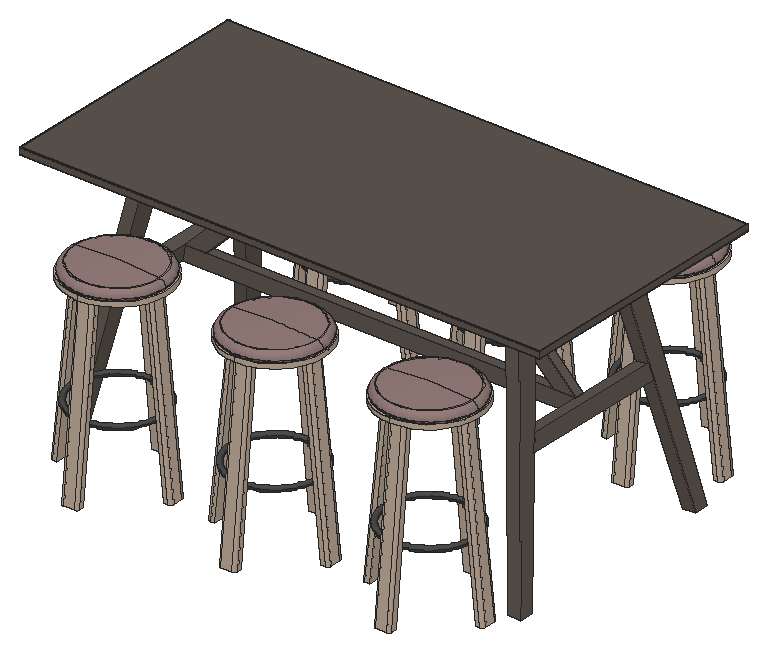
Revit family "T400014", category Furniture, Revit 2015
Parameters (values of type "T400014")
  URL = "https://ofs.com/"
  Manufacturer = "OFS"
  Description = "OFS TYPICAL T400014"
  Copyright © = "©OFS 2021"
  Catalog = "https://ofs.com/2020-experience"
  Authoring Version = "Autodesk Revit Architecture 2015"
  Assembly Code = "E2020400"
Reference planes (in)
  plane 1 "Center Front/Back": y = 0
  plane 2: z = 0
  plane 3 "Center Left/Right": x = 0
Dimensions and locks (in)
  aligned and locked: level to plane 2
Nested families (in)
  nested 1: "OFS ELEMENT OPEN L DESK LEFT AND RIGHT 84in Width 60in Return" at (102, 18.84375, 84), type "ELEMENT OPEN L DESK LEFT RETURN 84in Width 60in Return"
    with Right Desk Ovelay no, Left Desk Overlay no, Desk Overlay Option yes
  nested 2: "OFS HEIDI CUSHION" at (0, 24, 16), type "14 Stool Cushion"
    with Height 14", Cushion OFS HEIDI Cushion Fabric
  nested 3: "OFS HEIDI CUSHION" at (-25.44295, 24, 16), type "14 Stool Cushion"
    with Height 14", Cushion OFS HEIDI Cushion Fabric
  nested 4: "OFS HEIDI CUSHION" at (25, 24, 16), type "14 Stool Cushion"
    with Height 14", Cushion OFS HEIDI Cushion Fabric
  nested 5: "OFS HEIDI CUSHION" at (25, -24, 16), type "14 Stool Cushion"
    with Height 14", Cushion OFS HEIDI Cushion Fabric
  nested 6: "OFS HEIDI CUSHION" at (0, -24, 16), type "14 Stool Cushion"
    with Height 14", Cushion OFS HEIDI Cushion Fabric
  nested 7: "OFS HEIDI CUSHION" at (-25.44295, -24, 16), type "14 Stool Cushion"
    with Height 14", Cushion OFS HEIDI Cushion Fabric
  nested 8: "OFS HEIDI STOOLS" at (-25.44295, 24, 0), type "Bar Stool"
  nested 9: "OFS HEIDI STOOLS" at (0, 24, 0), type "Bar Stool"
  nested 10: "OFS HEIDI STOOLS" at (25, 24, 0), type "Bar Stool"
  nested 11: "OFS HEIDI STOOLS" at (25, -24, 0), type "Bar Stool"
  nested 12: "OFS HEIDI STOOLS" at (0, -24, 0), type "Bar Stool"
  nested 13: "OFS HEIDI STOOLS" at (-25.44295, -24, 0), type "Bar Stool"
  nested 14: "OFS_RIFF_TABLES_BAR_HEIGHT" at (0, -5, 0), type "RIFF_RF-8442STBL_TABLE_BAR_HEIGHT"
Definition of nested family "OFS HEIDI CUSHION"
  Parameters (values of type "14 Stool Cushion")
    URL = "https://ofs.com/"
    Cushion [instance] = none
    Height [instance] = 14"
    Description = "OFS HEIDI STOOL CUSHION, Field Installed with Double Sided Velcro Tape"
    Model = "101090"
    Manufacturer = "OFS"
    Copyright © = "©OFS 2020"
    Catalog = "https://ofs.com/products/seating/stool/heidi"
    Authoring Version = "Autodesk Revit Architecture 2015"
    Assembly Code = "E2020200"
  Types (4): name | Height
    14 Stool Cushion | 14"
    17 Stool Cushion | 17"
    Bar Stool Cushion | 30"
    Counter Stool Cushion | 24"
  Reference planes (in)
    plane 1 "Center (Front/Back)": y = 0
    plane 2: z = 0
    plane 3 "Center (Left/Right)": x = 0
    plane 4 "rrr": through (-2.45771, -5.50063, 16.56517) normal (0.0223, 0.0194, 0.9996)
    plane 5 "Top": z = 14
    plane 6: z = 16
  Forms (in)
    Revolve 1, solid, material <- "Cushion"
      sketch origin (0, 0, 0) x (1, 0, 0) y (0, 0, 1)
        loop
          arc (0, 15.75) -> (-3.38818, 15.65344) -> (-6.76537, 15.36408) r 59.49328
          arc (-6.76537, 15.36408) -> (-6.83734, 15.35318) -> (-6.90832, 15.33707) r 1
          arc (-6.90832, 15.33707) -> (-7.51524, 14.933) -> (-7.75, 14.2427) r 1.1323
          line (-7.75, 14.2427) -> (-7.75, 14.12914)
          arc (-7.75, 14.12914) -> (-7.71217, 14.03782) -> (-7.62086, 14) r 0.12914
          line (-7.62086, 14) -> (0, 14) -> (0, 15.75)
        axis (0, 14) -> (0, 15.75)
      angle from 0 to 360
    Revolve 2, solid, material <- "Cushion", not visible
      sketch origin (0, 0, 0) x (1, 0, 0) y (0, 0, 1)
        loop
          arc (0, 15.75) -> (-3.38818, 15.65344) -> (-6.76537, 15.36408) r 59.49328
          arc (-6.76537, 15.36408) -> (-6.83734, 15.35318) -> (-6.90832, 15.33707) r 1
          arc (-6.90832, 15.33707) -> (-7.51524, 14.933) -> (-7.75, 14.2427) r 1.1323
          line (-7.75, 14.2427) -> (-7.75, 14.12914)
          arc (-7.75, 14.12914) -> (-7.71217, 14.03782) -> (-7.62086, 14) r 0.12914
          line (-7.62086, 14) -> (0, 14) -> (0, 15.75)
        axis (0, 14) -> (0, 15.75)
      angle from 0 to 360
  Lines and regions (in)
    Masking region 1
      outline origin (0, 4.25, 14) x (0, 1, 0) y (-1, 0, 0)
        loop
          circle (-4.25, 0) r 7.75
  Dimensions and locks (in)
    "Height": plane 5 "Top" to level
    locked: plane 6 to plane 5 "Top" at 2
    aligned and locked: level to plane 2
  Automatic sketch dimensions
    plane 1 "Center (Front/Back)" to Masking region 1 sketch curve = 0"
    Masking region 1 sketch curve to plane 3 "Center (Left/Right)" = 0"
    Revolve 1 sketch curve to Revolve 1 sketch curve = 0.03396"
    Revolve 1 sketch curve to Revolve 1 sketch curve = 0.9692"
    Revolve 1 sketch curve to Revolve 1 sketch curve = 0.12787"
    Revolve 1 sketch curve to Revolve 1 sketch curve = 0.14295"
    Revolve 1 sketch curve to Revolve 1 sketch curve = 0"  (x3)
    Revolve 1 sketch curve to Revolve 1 sketch curve = 1 3/4"
    Revolve 1 sketch curve to Revolve 1 sketch curve = 0.12914"
    Revolve 1 sketch curve to Revolve 1 sketch curve = 7.62086"
    Revolve 1 sketch curve to Revolve 1 sketch curve = 57.74328"
    Revolve 1 sketch curve to Revolve 1 sketch curve = 0.11355"
    Revolve 2 sketch curve to Revolve 2 sketch curve = 0.03396"
    Revolve 2 sketch curve to Revolve 2 sketch curve = 0.9692"
    Revolve 2 sketch curve to Revolve 2 sketch curve = 0.12787"
    Revolve 2 sketch curve to Revolve 2 sketch curve = 0.14295"
    Revolve 2 sketch curve to Revolve 2 sketch curve = 0"  (x3)
    Revolve 2 sketch curve to Revolve 2 sketch curve = 1 3/4"
    Revolve 2 sketch curve to Revolve 2 sketch curve = 0.12914"
    Revolve 2 sketch curve to Revolve 2 sketch curve = 7.62086"
    Revolve 2 sketch curve to Revolve 2 sketch curve = 57.74328"
    Revolve 2 sketch curve to Revolve 2 sketch curve = 0.11355"
    Revolve 1 sketch curve to plane 5 "Top" = 0"
    plane 3 "Center (Left/Right)" to Revolve 1 sketch curve = 0"
    radius of Masking region 1 sketch curve = 7 3/4"
Definition of nested family "OFS HEIDI STOOLS"
  Parameters (values of type "Bar Stool")
    URL = "https://ofs.com/"
    Seat Top Finish = none
    Ring Counter = no
    Ring Bar = yes
    Foot Ring Finish = none
    Legs Finish = none
    Height = 30"
    Description = "OFS HEIDI STOOL, BAR HEIGHT, 30\" Height, Cast Iron Foot Ring"
    Model = "101159"
    Manufacturer = "OFS"
    Cross = no
    Copyright © = "©OFS 2020"
    Catalog = "https://ofs.com/products/seating/stool/heidi"
    Authoring Version = "Autodesk Revit Architecture 2015"
    Assembly Code = "E2020200"
  Types (4): name | Ring Counter | Ring Bar | Height | Description | Model | Cross
    Bar Stool | no | yes | 30" | "OFS HEIDI STOOL, BAR HEIGHT, 30\" Height, Cast Iron Foot Ring" | "101159" | no
    Counter Stool | yes | no | 24" | "OFS HEIDI STOOL, COUNTER HEIGHT, 24\" Height, Cast Iron Foot Ring" | "101058" | no
    17H Stool | no | no | 17" | "OFS HEIDI STOOL, 17\" Height, Hardwood Cross Rails" | "101057" | yes
    14H Stool | no | no | 14" | "OFS HEIDI STOOL, 14\" Height, Hardwood Cross Rails" | "101056" | yes
  Reference planes (in)
    plane 1 "Center (Front/Back)": y = 0
    plane 2: z = 0
    plane 3 "Center (Left/Right)": x = 0
    plane 4 "rrr": through (-2.45771, -5.50063, 16.56517) normal (0.0223, 0.0194, 0.9996)
    plane 5 "Top": z = 30
  Forms (in)
    Extrusion 1, solid, material <- "Seat Top Finish"
      sketch origin (0, 4.25, 30) x (0, 1, 0) y (-1, 0, 0)
        loop
          circle (-4.25, 0) r 8.00966
      from -0.75 to 0
    Extrusion 2, solid, material <- "Legs Finish"
      sketch origin (0, 4.25, 30) x (0, 1, 0) y (-1, 0, 0)
        loop
          line (-2.81369, 5.67895) -> (-5.68631, 5.67895) -> (-9.92895, 1.43631) -> (-9.92895, -1.43631) -> (-5.68631, -5.67895) -> (-2.81369, -5.67895) -> (1.42895, -1.43631) -> (1.42895, 1.43631) -> (-2.81369, 5.67895)
      from -1.5 to -0.75
    Blend 3, solid, material <- "Legs Finish"
      base sketch origin (0, 0.01041, 0) x (1, 0, 0) y (0, 1, 0)
        loop
          line (-1.38283, 8.5852) -> (1.37062, 8.5852) -> (1.37062, 9.24862)
          arc (1.37062, 9.24862) -> (1.22417, 9.60218) -> (0.87062, 9.74862) r 0.5
          line (0.87062, 9.74862) -> (-0.88411, 9.74862)
          arc (-0.88411, 9.74862) -> (-1.22477, 9.61462) -> (-1.38283, 9.28445) r 0.5
          line (-1.38283, 9.28445) -> (-1.38283, 8.5852)
      top sketch origin (0, 4.26041, 30) x (0, 1, 0) y (-1, 0, 0)
        loop
          line (1.2245, -1.375) -> (1.88792, -1.375)
          arc (1.88792, -1.375) -> (2.24148, -1.22855) -> (2.38792, -0.875) r 0.5
          line (2.38792, -0.875) -> (2.38792, 0.87844)
          arc (2.38792, 0.87844) -> (2.24148, 1.232) -> (1.88792, 1.37844) r 0.5
          line (1.88792, 1.37844) -> (1.2245, 1.37844) -> (1.2245, -1.375)
      from 0 to -0.75
    Extrusion 4, solid, material <- "Legs Finish", visible <- "Cross"
      sketch origin (0, 4.25, 14) x (0, 1, 0) y (-1, 0, 0)
        loop
          line (3.37008, -0.6239) -> (3.37008, 0.625) -> (-3.625, 0.625) -> (-3.625, 7.62891) -> (-4.875, 7.62891) -> (-4.875, 0.625) -> (-11.86639, 0.625) -> (-11.86639, -0.6239) -> (-4.875, -0.6239) -> (-4.875, -7.63494) -> (-3.625, -7.63494) -> (-3.625, -0.6239) -> (3.37008, -0.6239)
      from -8.5 to -6.5
    Blend 5, solid, material <- "Legs Finish"
      base sketch origin (0, -0.01041, 0) x (1, 0, 0) y (0, 1, 0)
        loop
          line (-1.38283, -8.5852) -> (-1.38283, -9.28445)
          arc (-1.38283, -9.28445) -> (-1.22477, -9.61462) -> (-0.88411, -9.74862) r 0.5
          line (-0.88411, -9.74862) -> (0.87062, -9.74862)
          arc (0.87062, -9.74862) -> (1.22417, -9.60218) -> (1.37062, -9.24862) r 0.5
          line (1.37062, -9.24862) -> (1.37062, -8.5852) -> (-1.38283, -8.5852)
      top sketch origin (0, -4.26041, 30) x (0, -1, 0) y (1, 0, 0)
        loop
          line (1.20602, 1.375) -> (1.20602, -1.37844) -> (1.86945, -1.37844)
          arc (1.86945, -1.37844) -> (2.223, -1.232) -> (2.36945, -0.87844) r 0.5
          line (2.36945, -0.87844) -> (2.36945, 0.875)
          arc (2.36945, 0.875) -> (2.223, 1.22855) -> (1.86945, 1.375) r 0.5
          line (1.86945, 1.375) -> (1.20602, 1.375)
      from 0 to -0.75
    Blend 6, solid, material <- "Legs Finish"
      base sketch origin (-0.01432, 0.00391, 0) x (0, 1, 0) y (-1, 0, 0)
        loop
          line (-1.38283, 8.5852) -> (1.37062, 8.5852) -> (1.37062, 9.24862)
          arc (1.37062, 9.24862) -> (1.22417, 9.60218) -> (0.87062, 9.74862) r 0.5
          line (0.87062, 9.74862) -> (-0.88411, 9.74862)
          arc (-0.88411, 9.74862) -> (-1.22477, 9.61462) -> (-1.38283, 9.28445) r 0.5
          line (-1.38283, 9.28445) -> (-1.38283, 8.5852)
      top sketch origin (-4.26432, 0.00391, 30) x (-1, 0, 0) y (0, -1, 0)
        loop
          line (1.22925, -1.375) -> (1.89268, -1.375)
          arc (1.89268, -1.375) -> (2.24623, -1.22855) -> (2.39268, -0.875) r 0.5
          line (2.39268, -0.875) -> (2.39268, 0.87844)
          arc (2.39268, 0.87844) -> (2.24623, 1.232) -> (1.89268, 1.37844) r 0.5
          line (1.89268, 1.37844) -> (1.22925, 1.37844) -> (1.22925, -1.375)
      from 0 to -0.75
    Blend 7, solid, material <- "Legs Finish"
      base sketch origin (0.00649, 0.00391, 0) x (0, 1, 0) y (-1, 0, 0)
        loop
          line (-1.38283, -8.5852) -> (-1.38283, -9.28445)
          arc (-1.38283, -9.28445) -> (-1.22477, -9.61462) -> (-0.88411, -9.74862) r 0.5
          line (-0.88411, -9.74862) -> (0.87062, -9.74862)
          arc (0.87062, -9.74862) -> (1.22417, -9.60218) -> (1.37062, -9.24862) r 0.5
          line (1.37062, -9.24862) -> (1.37062, -8.5852) -> (-1.38283, -8.5852)
      top sketch origin (4.25649, 0.00391, 30) x (1, 0, 0) y (0, 1, 0)
        loop
          line (1.22369, 1.375) -> (1.22369, -1.37844) -> (1.88712, -1.37844)
          arc (1.88712, -1.37844) -> (2.24067, -1.232) -> (2.38712, -0.87844) r 0.5
          line (2.38712, -0.87844) -> (2.38712, 0.875)
          arc (2.38712, 0.875) -> (2.24067, 1.22855) -> (1.88712, 1.375) r 0.5
          line (1.88712, 1.375) -> (1.22369, 1.375)
      from 0 to -0.75
    Sweep 8, solid, material <- "Foot Ring Finish", visible <- "Ring Counter"
      path origin (0, 4.25, 30) x (0, 1, 0) y (-1, 0, 0)
        loop
          circle (-4.25, 0) r 7.25
      profile origin (-7.25, 0, 30) x (1, 0, 0) y (0, 0, 1)
        loop
          circle (0, -16.875) r 0.375
    Sweep 9, solid, material <- "Foot Ring Finish", visible <- "Ring Bar"
      path origin (0, 4.25, 30) x (0, 1, 0) y (-1, 0, 0)
        loop
          circle (-4.25, 0) r 7
      profile origin (-7, 0, 30) x (1, 0, 0) y (0, 0, 1)
        loop
          circle (0, -18.625) r 0.375
    Extrusion 10, solid, material <- "Foot Ring Finish", visible <- "Ring Counter"
      sketch origin (0, 0, 0) x (1, 0, 0) y (0, 0, 1)
        loop
          line (-7.81343, 5.88438) -> (-7.75148, 5.87611) -> (-7.60354, 6.98351) -> (-7.63953, 7.18616) -> (-7.81343, 5.88438)
      from -0.625 to 0.625
    Extrusion 11, solid, material <- "Foot Ring Finish", visible <- "Ring Counter"
      sketch origin (0, 0, 0) x (0, 1, 0) y (0, 0, -1)
        loop
          line (-7.81343, -5.88438) -> (-7.63953, -7.18616) -> (-7.60354, -6.98351) -> (-7.75148, -5.87611) -> (-7.81343, -5.88438)
      from -0.625 to 0.625
    Extrusion 12, solid, material <- "Foot Ring Finish", visible <- "Ring Counter"
      sketch origin (0, 0, 0) x (-1, 0, 0) y (0, 0, 1)
        loop
          line (-7.81343, 5.88438) -> (-7.75148, 5.87611) -> (-7.60354, 6.98351) -> (-7.63953, 7.18616) -> (-7.81343, 5.88438)
      from -0.625 to 0.625
    Extrusion 13, solid, material <- "Foot Ring Finish", visible <- "Ring Counter"
      sketch origin (0, 0, 0) x (0, -1, 0) y (0, 0, -1)
        loop
          line (-7.81343, -5.88438) -> (-7.63953, -7.18616) -> (-7.60354, -6.98351) -> (-7.75148, -5.87611) -> (-7.81343, -5.88438)
      from -0.625 to 0.625
    Extrusion 14, solid, material <- "Foot Ring Finish", visible <- "Ring Bar"
      sketch origin (0, -0.44736, 4.42978) x (0, -0.999639, 0.026849) y (0, -0.026849, -0.999639)
        loop
          line (-7.81343, -5.88438) -> (-7.63953, -7.18616) -> (-7.60354, -6.98351) -> (-7.75148, -5.87611) -> (-7.81343, -5.88438)
      from -0.625 to 0.625
    Extrusion 15, solid, material <- "Foot Ring Finish", visible <- "Ring Bar"
      sketch origin (-0.44736, 0, 4.42978) x (-0.999639, 0, 0.026849) y (0.026849, 0, 0.999639)
        loop
          line (-7.81343, 5.88438) -> (-7.75148, 5.87611) -> (-7.60354, 6.98351) -> (-7.63953, 7.18616) -> (-7.81343, 5.88438)
      from -0.625 to 0.625
    Extrusion 16, solid, material <- "Foot Ring Finish", visible <- "Ring Bar"
      sketch origin (0, 0.44736, 4.42978) x (0, 0.999639, 0.026849) y (0, 0.026849, -0.999639)
        loop
          line (-7.81343, -5.88438) -> (-7.63953, -7.18616) -> (-7.60354, -6.98351) -> (-7.75148, -5.87611) -> (-7.81343, -5.88438)
      from -0.625 to 0.625
    Extrusion 17, solid, material <- "Foot Ring Finish", visible <- "Ring Bar"
      sketch origin (0.44736, 0, 4.42978) x (0.999639, 0, 0.026849) y (-0.026849, 0, 0.999639)
        loop
          line (-7.81343, 5.88438) -> (-7.75148, 5.87611) -> (-7.60354, 6.98351) -> (-7.63953, 7.18616) -> (-7.81343, 5.88438)
      from -0.625 to 0.625
  Lines and regions (in)
    Masking region 1
      outline origin (0, 4.25, 30) x (0, 1, 0) y (-1, 0, 0)
        loop
          circle (-4.25, 0) r 8.00966
  Dimensions and locks (in)
    "Height": plane 5 "Top" to level
    aligned and locked: level to plane 2
  Automatic sketch dimensions
    plane 1 "Center (Front/Back)" to Extrusion 1 sketch curve = 0"
    Extrusion 1 sketch curve to plane 3 "Center (Left/Right)" = 0"
    plane 3 "Center (Left/Right)" to Extrusion 2 sketch curve = 1.43631"  (x2)
    plane 1 "Center (Front/Back)" to Extrusion 2 sketch curve = 5.67895"
    plane 1 "Center (Front/Back)" to Extrusion 2 sketch curve = 1.43631"  (x2)
    Extrusion 2 sketch curve to plane 1 "Center (Front/Back)" = 1.43631"  (x2)
    Extrusion 2 sketch curve to plane 1 "Center (Front/Back)" = 5.67895"
    plane 3 "Center (Left/Right)" to Extrusion 2 sketch curve = 5.67895"
    Extrusion 2 sketch curve to plane 3 "Center (Left/Right)" = 1.43631"  (x2)
    Extrusion 2 sketch curve to plane 3 "Center (Left/Right)" = 5.67895"
    Blend 3 sketch curve to plane 3 "Center (Left/Right)" = 1 49/128"
    Blend 3 sketch curve to Blend 3 sketch curve = 0.49872"
    plane 3 "Center (Left/Right)" to Blend 3 sketch curve = 0.87062"
    Blend 3 sketch curve to Blend 3 sketch curve = 1/2"  (x3)
    Blend 3 sketch curve to plane 1 "Center (Front/Back)" = 8.59561"
    Blend 3 sketch curve to Blend 3 sketch curve = 0.66342"  (x3)
    Blend 3 sketch curve to plane 3 "Center (Left/Right)" = 1.37844"
    Blend 3 sketch curve to plane 1 "Center (Front/Back)" = 5.48491"
    plane 3 "Center (Left/Right)" to Blend 3 sketch curve = 7/8"
    Masking region 1 sketch curve to Masking region 1 sketch curve = 0"  (x2)
    Masking region 1 sketch curve to plane 3 "Center (Left/Right)" = 0"
    plane 1 "Center (Front/Back)" to Masking region 1 sketch curve = 0"
    Masking region 1 sketch curve to Masking region 1 sketch curve = 8.00966"
    plane 3 "Center (Left/Right)" to Extrusion 4 sketch curve = 0.6239"  (x2)
    plane 1 "Center (Front/Back)" to Extrusion 4 sketch curve = 7.61639"
    plane 1 "Center (Front/Back)" to Extrusion 4 sketch curve = 5/8"  (x2)
    Extrusion 4 sketch curve to plane 1 "Center (Front/Back)" = 5/8"  (x2)
    Extrusion 4 sketch curve to Extrusion 4 sketch curve = 6.99508"
    Extrusion 4 sketch curve to Extrusion 4 sketch curve = 7.01103"
    Extrusion 4 sketch curve to plane 3 "Center (Left/Right)" = 5/8"  (x2)
    Extrusion 4 sketch curve to Extrusion 4 sketch curve = 7 1/256"
    plane 3 "Center (Left/Right)" to Blend 5 sketch curve = 1 49/128"
    Blend 5 sketch curve to Blend 5 sketch curve = 0.49872"
    Blend 5 sketch curve to plane 3 "Center (Left/Right)" = 0.87062"
    Blend 5 sketch curve to Blend 5 sketch curve = 1/2"  (x3)
    Blend 5 sketch curve to plane 1 "Center (Front/Back)" = 8.59561"
    Blend 5 sketch curve to Blend 5 sketch curve = 0.66342"  (x3)
    Blend 5 sketch curve to plane 3 "Center (Left/Right)" = 1.37844"
    plane 1 "Center (Front/Back)" to Blend 5 sketch curve = 5.46643"
    plane 3 "Center (Left/Right)" to Blend 5 sketch curve = 7/8"
    plane 1 "Center (Front/Back)" to Blend 6 sketch curve = 1 97/256"
    Blend 6 sketch curve to Blend 6 sketch curve = 0.49872"
    Blend 6 sketch curve to plane 1 "Center (Front/Back)" = 0.87453"
    Blend 6 sketch curve to Blend 6 sketch curve = 1/2"  (x3)
    Blend 6 sketch curve to plane 3 "Center (Left/Right)" = 8.59952"
    Blend 6 sketch curve to Blend 6 sketch curve = 0.66342"  (x3)
    plane 1 "Center (Front/Back)" to Blend 6 sketch curve = 1.37453"
    Blend 6 sketch curve to plane 3 "Center (Left/Right)" = 5.49357"
    Blend 6 sketch curve to plane 1 "Center (Front/Back)" = 225/256"
    plane 1 "Center (Front/Back)" to Blend 7 sketch curve = 1 97/256"
    Blend 7 sketch curve to Blend 7 sketch curve = 0.49872"
    Blend 7 sketch curve to plane 1 "Center (Front/Back)" = 0.87453"
    Blend 7 sketch curve to Blend 7 sketch curve = 1/2"  (x2)
    plane 3 "Center (Left/Right)" to Blend 7 sketch curve = 9.75512"
    Blend 7 sketch curve to Blend 7 sketch curve = 0.46418"
    Blend 7 sketch curve to Blend 7 sketch curve = 0.69925"
    plane 1 "Center (Front/Back)" to Blend 7 sketch curve = 1.37453"
    plane 3 "Center (Left/Right)" to Blend 7 sketch curve = 5.48018"
    Blend 7 sketch curve to Blend 7 sketch curve = 0.66342"  (x2)
    Blend 7 sketch curve to plane 1 "Center (Front/Back)" = 225/256"
    plane 1 "Center (Front/Back)" to Sweep 8 sketch curve = 0"
    Sweep 8 sketch curve to plane 3 "Center (Left/Right)" = 0"
    profile plane to Sweep 8 sketch curve = 0"
    Sweep 8 sketch curve to plane 5 "Top" = 16 7/8"
    plane 1 "Center (Front/Back)" to Sweep 9 sketch curve = 0"
    Sweep 9 sketch curve to plane 3 "Center (Left/Right)" = 0"
    profile plane to Sweep 9 sketch curve = 0"
    Sweep 9 sketch curve to plane 5 "Top" = 18 5/8"
    Extrusion 10 sketch curve to plane 3 "Center (Left/Right)" = 7.81343"
    Extrusion 10 sketch curve to Extrusion 10 sketch curve = 0.06195"
    Extrusion 10 sketch curve to Extrusion 10 sketch curve = 0.1739"
    level to Extrusion 10 sketch curve = 6.98351"
    Extrusion 10 sketch curve to Extrusion 10 sketch curve = 0.03598"
    Extrusion 10 sketch curve to Extrusion 10 sketch curve = 1.09912"
    plane 1 "Center (Front/Back)" to Extrusion 11 sketch curve = 7.81343"
    Extrusion 11 sketch curve to Extrusion 11 sketch curve = 0.06195"
    Extrusion 11 sketch curve to Extrusion 11 sketch curve = 0.1739"
    level to Extrusion 11 sketch curve = 6.98351"
    Extrusion 11 sketch curve to Extrusion 11 sketch curve = 0.03598"
    Extrusion 11 sketch curve to Extrusion 11 sketch curve = 0.20266"
    plane 3 "Center (Left/Right)" to Extrusion 12 sketch curve = 7.81343"
    Extrusion 12 sketch curve to Extrusion 12 sketch curve = 0.06195"
    Extrusion 12 sketch curve to Extrusion 12 sketch curve = 0.1739"
    level to Extrusion 12 sketch curve = 6.98351"
    Extrusion 12 sketch curve to Extrusion 12 sketch curve = 0.03598"
    Extrusion 12 sketch curve to Extrusion 12 sketch curve = 1.09912"
    Extrusion 13 sketch curve to plane 1 "Center (Front/Back)" = 7.81343"
    Extrusion 13 sketch curve to Extrusion 13 sketch curve = 0.06195"
    Extrusion 13 sketch curve to Extrusion 13 sketch curve = 0.1739"
    level to Extrusion 13 sketch curve = 6.98351"
    Extrusion 13 sketch curve to Extrusion 13 sketch curve = 0.03598"
    Extrusion 13 sketch curve to Extrusion 13 sketch curve = 0.20266"
    Extrusion 14 sketch curve to plane 1 "Center (Front/Back)" = 7.52124"
    level to Extrusion 14 sketch curve = 10.10226"
    Extrusion 14 sketch curve to Extrusion 14 sketch curve = 0.06195"
    Extrusion 14 sketch curve to Extrusion 14 sketch curve = 0.1739"
    Extrusion 14 sketch curve to Extrusion 14 sketch curve = 0.03598"
    Extrusion 14 sketch curve to Extrusion 14 sketch curve = 1.09912"
    plane 3 "Center (Left/Right)" to Extrusion 15 sketch curve = 7.52124"
    level to Extrusion 15 sketch curve = 10.10226"
    Extrusion 15 sketch curve to Extrusion 15 sketch curve = 0.06195"
    Extrusion 15 sketch curve to Extrusion 15 sketch curve = 0.1739"
    Extrusion 15 sketch curve to Extrusion 15 sketch curve = 0.03598"
    Extrusion 15 sketch curve to Extrusion 15 sketch curve = 0.00828"
    plane 1 "Center (Front/Back)" to Extrusion 16 sketch curve = 7.52124"
    level to Extrusion 16 sketch curve = 10.10226"
    Extrusion 16 sketch curve to Extrusion 16 sketch curve = 0.06195"
    Extrusion 16 sketch curve to Extrusion 16 sketch curve = 0.1739"
    Extrusion 16 sketch curve to Extrusion 16 sketch curve = 0.03598"
    Extrusion 16 sketch curve to Extrusion 16 sketch curve = 1.09912"
    Extrusion 17 sketch curve to plane 3 "Center (Left/Right)" = 7.52124"
    level to Extrusion 17 sketch curve = 10.10226"
    Extrusion 17 sketch curve to Extrusion 17 sketch curve = 0.06195"
    Extrusion 17 sketch curve to Extrusion 17 sketch curve = 0.1739"
    Extrusion 17 sketch curve to Extrusion 17 sketch curve = 0.03598"
    Extrusion 17 sketch curve to Extrusion 17 sketch curve = 0.00828"
    radius of Extrusion 1 sketch curve = 8.00966"
    radius of Sweep 8 sketch curve = 7 1/4"
    radius of Sweep 8 sketch curve = 3/8"
    radius of Sweep 9 sketch curve = 7"
    radius of Sweep 9 sketch curve = 3/8"
Definition of nested family "OFS_RIFF_TABLES_BAR_HEIGHT"
  Parameters (values of type "RIFF_RF-8442STBL_TABLE_BAR_HEIGHT")
    URL = "http://ofsbrands.com/products/tables/conference-tables/riff"
    TABLE WIDTH = 84"
    TABLE DEPTH = 42"
    RAIL DEPTH = if(TABLE DEPTH > 49", 20", 12")  # 12"
    LEG DEPTH = if(TABLE DEPTH < 43", 37.62", if(TABLE DEPTH < 49", 43.62", if(TABLE DEPTH < 55", 49.62", 55.62")))  # 37.62"
    LEG = none
    ENVIRONMENTAL = "http://ofsbrands.ecoscorecard.com/"
    TOP CORE = none
    Manufacturer = "OFS"
    MODEL NUMBER = "RF-8442STBL"
    MANUFACTURERS' CODE = "OFS"
    EDGE SHAPE = none
    Description = "NIC BAR HEIGHT TABLE 84X42"
    2 LEGS = not(CENTER LEG)  # yes
    CENTER LEG = TABLE DEPTH > 49"  # no
    CATALOG CODE = "OFS"
  Types (17): name | TABLE WIDTH | TABLE DEPTH | RAIL DEPTH | LEG DEPTH | MODEL NUMBER | Description | 2 LEGS | CENTER LEG
    (no name) | 84" | 42" | 12" | 37.62" | "RF-8442STBL" | "NIC BAR HEIGHT TABLE 84X42" | yes | no
    RIFF_RF-7242STBL_TABLE_BAR_HEIGHT | 72" | 42" | 12" | 37.62" | "RF-7242STBL" | "NIC BAR HEIGHT TABLE 72X42" | yes | no
    RIFF_RF-7248STBL_TABLE_BAR_HEIGHT | 72" | 48" | 12" | 43.62" | "RF-7248STBL" | "NIC BAR HEIGHT TABLE 72X48" | yes | no
    RIFF_RF-7254STBL_TABLE_BAR_HEIGHT | 72" | 54" | 20" | 49.62" | "RF-7254STBL" | "NIC  BAR HEIGHT TABLE 72X54" | no | yes
    RIFF_RF-7260STBL_TABLE_BAR_HEIGHT | 72" | 60" | 20" | 55.62" | "RF-7260STBL" | "NIC BAR HEIGHT TABLE 72X60" | no | yes
    RIFF_RF-8442STBL_TABLE_BAR_HEIGHT | 84" | 42" | 12" | 37.62" | "RF-8442STBL" | "NIC BAR HEIGHT TABLE 84X42" | yes | no
    RIFF_RF-8448STBL_TABLE_BAR_HEIGHT | 84" | 48" | 12" | 43.62" | "RF-8448STBL" | "NIC BAR HEIGHT TABLE 84X48" | yes | no
    RIFF_RF-8454STBL_TABLE_BAR_HEIGHT | 84" | 54" | 20" | 49.62" | "RF-8454STBL" | "NIC BAR HEIGHT TABLE 84X54" | no | yes
    RIFF_RF-8460STBL_TABLE_BAR_HEIGHT | 84" | 60" | 20" | 55.62" | "RF-8460STBL" | "NIC BAR HEIGHT TABLE 84X60" | no | yes
    RIFF_RF-9642STBL_TABLE_BAR_HEIGHT | 96" | 42" | 12" | 37.62" | "RF-9642STBL" | "NIC BAR HEIGHT TABLE 96X42" | yes | no
    RIFF_RF-9648STBL_TABLE_BAR_HEIGHT | 96" | 48" | 12" | 43.62" | "RF-9648STBL" | "NIC BAR HEIGHT TABLE 96X48" | yes | no
    RIFF_RF-9654STBL_TABLE_BAR_HEIGHT | 96" | 54" | 20" | 49.62" | "RF-9654STBL" | "NIC BAR HEIGHT TABLE 96X54" | no | yes
    RIFF_RF-9660STBL_TABLE_BAR_HEIGHT | 96" | 60" | 20" | 55.62" | "RF-9660STBL" | "NIC BAR HEIGHT TABLE 96X60" | no | yes
    RIFF_RF-10842STBL_TABLE_BAR_HEIGHT | 108" | 42" | 12" | 37.62" | "RF-10842STBL" | "NIC BAR HEIGHT TABLE 108X42" | yes | no
    RIFF_RF-10848STBL_TABLE_BAR_HEIGHT | 108" | 48" | 12" | 43.62" | "RF-10848STBL" | "NIC BAR HEIGHT TABLE 108X48" | yes | no
    RIFF_RF-10854STBL_TABLE_BAR_HEIGHT | 108" | 54" | 20" | 49.62" | "RF-10854STBL" | "NIC BAR HEIGHT TABLE 108X54" | no | yes
    RIFF_RF-10860STBL_TABLE_BAR_HEIGHT | 108" | 60" | 20" | 55.62" | "RF-10860STBL" | "NIC BAR HEIGHT TABLE 108X60" | no | yes
  Reference planes (in)
    plane 1 "Center Front/Back": y = 3
    plane 2: z = 0
    plane 3 "Center Left/Right": x = 0
    plane 4 "DESK TOP": z = 41.66
    plane 5 "UNDERSURF": z = 40.5
    plane 6: x = -42
    plane 7: x = 42
    plane 8: y = 24
    plane 9: y = -18
    plane 10: x = -37.11
    plane 11: y = 9
    plane 12: y = 7.5
    plane 13: y = -3
    plane 14: y = -1.5
    plane 15: x = 37.11
    plane 16: x = -13.37389
    plane 17: x = 13.37389
  Forms (in)
    Sweep 1, solid, material <- "EDGE SHAPE"
      path origin (0, 0, 41.66) x (0, 1, 0) y (-1, 0, 0)
        loop
          line (24, 42) -> (-18, 42) -> (-18, -42) -> (24, -42) -> (24, 42)
      profile origin (-42, 3, 41.66) x (1, 0, 0) y (0, 0, 1)
        loop
          line (0, -0.05) -> (0, -1.11)
          arc (0, -1.11) -> (0.0149, -1.14536) -> (0.05025, -1.16) r 0.05
          line (0.05025, -1.16) -> (0.05025, 0)
          arc (0.05025, 0) -> (0.0149, -0.01464) -> (0, -0.05) r 0.05
    Extrusion 2, solid, material <- "TOP CORE"
      sketch origin (0, 0, 41.667) x (0, 1, 0) y (-1, 0, 0)
        loop
          line (-17.94975, 41.94975) -> (-17.94975, -41.94975) -> (23.94975, -41.94975) -> (23.94975, 41.94975) -> (-17.94975, 41.94975)
      from -1.167 to -0.007
    Extrusion 3, solid, material <- "LEG", visible <- "CENTER LEG"
      sketch origin (0, 21.25, 12.401) x (-1, 0, 0) y (0, 0, 1)
        loop
          line (26.41013, 24.099) -> (29.0622, 25.62978) -> (28.67111, 28.099) -> (1.00086, 28.099) -> (1.00086, 25.59837) -> (-1.00036, 25.59837) -> (-1.00036, 28.099) -> (-28.67111, 28.099) -> (-29.0622, 25.62978) -> (-26.41013, 24.099) -> (26.41013, 24.099)
      from -13.75 to -12.25
    Extrusion 4, solid, material <- "LEG"
      sketch origin (0, 12, -19.42098) x (-1, 0, 0) y (0, 0, 1)
        loop
          line (31.94088, 39.2765) -> (31.54991, 41.74496) -> (-31.54991, 41.74496) -> (-31.94088, 39.2765) -> (31.94088, 39.2765)
      from -9.75 to -8.25
    Extrusion 5, solid, material <- "LEG", visible <- "CENTER LEG"
      sketch origin (0, -15.25, 12.401) x (-1, 0, 0) y (0, 0, -1)
        loop
          line (29.0622, -25.62978) -> (26.41013, -24.099) -> (-26.41013, -24.099) -> (-29.0622, -25.62978) -> (-28.67111, -28.099) -> (-1.00036, -28.099) -> (-1.00036, -25.59837) -> (1.00086, -25.59837) -> (1.00086, -28.099) -> (28.67111, -28.099) -> (29.0622, -25.62978)
      from -13.75 to -12.25
    Extrusion 6, solid, material <- "LEG"
      sketch origin (0.57722, 3, 0.021) x (1, 0, 0) y (0, 0, 1)
        loop
          line (-32.12713, 22.30298) -> (-28.5916, 22.30298) -> (-13.95111, 36.94347) -> (-13.95111, 40.479) -> (-32.12713, 22.30298)
      from -0.75 to 0.75
    Extrusion 7, solid, material <- "LEG"
      sketch origin (7.39783, 3, 12.401) x (1, 0, 0) y (0, 0, 1)
        loop
          line (-20.77172, 28.099) -> (-20.77172, 24.474) -> (-19.27172, 24.474) -> (-19.27172, 28.099) -> (-20.77172, 28.099)
      from -4.5 to 4.5
    Extrusion 8, solid, material <- "LEG", visible <- "2 LEGS"
      sketch origin (0, 3, 12.38) x (1, 0, 0) y (0, 0, 1)
        loop
          line (-28.67111, 28.12) -> (-29.0622, 25.65078) -> (-26.41013, 24.12) -> (26.41013, 24.12) -> (29.0622, 25.65078) -> (28.67111, 28.12) -> (-28.67111, 28.12)
      from -6 to -4.5
    Extrusion 9, solid, material <- "LEG", visible <- "2 LEGS"
      sketch origin (0, 3, 12.38) x (1, 0, 0) y (0, 0, -1)
        loop
          line (-26.41013, -24.12) -> (-29.0622, -25.65078) -> (-28.67111, -28.12) -> (28.67111, -28.12) -> (29.0622, -25.65078) -> (26.41013, -24.12) -> (-26.41013, -24.12)
      from -6 to -4.5
    Extrusion 10, solid, material <- "LEG"
      sketch origin (-0.57722, 3, 0.021) x (-1, 0, 0) y (0, 0, -1)
        loop
          line (-32.12713, -22.30298) -> (-13.95111, -40.479) -> (-13.95111, -36.94347) -> (-28.5916, -22.30298) -> (-32.12713, -22.30298)
      from -0.75 to 0.75
    Extrusion 11, solid, material <- "LEG"
      sketch origin (-7.39783, 3, 12.401) x (-1, 0, 0) y (0, 0, -1)
        loop
          line (-20.77172, -28.099) -> (-19.27172, -28.099) -> (-19.27172, -24.474) -> (-20.77172, -24.474) -> (-20.77172, -28.099)
      from -8.5 to 8.5
  Lines and regions (in)
    Masking region 1
      outline origin (0, 0, 0) x (1, 0, 0) y (0, 1, 0)
        loop
          line (-42.00166, -18) -> (41.99834, -18) -> (41.99834, 24) -> (-42.00166, 24) -> (-42.00166, -18)
  Dimensions and locks (in)
    equal spacing: plane 6, plane 3 "Center Left/Right", plane 7
    equal spacing: plane 9, plane 1 "Center Front/Back", plane 8
    "TABLE WIDTH": plane 6 to plane 7
    "TABLE DEPTH": plane 9 to plane 8
    locked: plane 12 to plane 11 at 1.5
    locked: plane 14 to plane 13 at 1.5
    equal spacing: plane 13, plane 1 "Center Front/Back", plane 11
    "RAIL DEPTH": plane 13 to plane 11
    plane 4 "DESK TOP" to plane 5 "UNDERSURF" to plane 2 = 1.16" locked, 40 1/2" locked
    plane 6 to plane 10 to plane 16 = 4.89" locked, 23.73611" locked
    plane 17 to plane 15 to plane 7 = 23.73611" locked, 4.89" locked
    aligned and locked: profile plane to Sweep 1 sketch curve
    aligned and locked: plane 4 "DESK TOP" to Extrusion 2
    aligned and locked: level to plane 2
    aligned and locked: Extrusion 2 to plane 5 "UNDERSURF"
    aligned and locked: plane 11 to Extrusion 3
    aligned and locked: plane 12 to Extrusion 3
    aligned and locked: plane 14 to Extrusion 5
    aligned and locked: Extrusion 5 to plane 13
    aligned and locked: Extrusion 7 to plane 14
    aligned and locked: Extrusion 7 to plane 12
    aligned and locked: plane 12 to Extrusion 8
    aligned and locked: Extrusion 8 to plane 11
    aligned and locked: plane 14 to Extrusion 9
    aligned and locked: Extrusion 9 to plane 13
    aligned and locked: nested 2 to plane 1 "Center Front/Back"
    aligned and locked: plane 15 to nested 2
    aligned and locked: plane 10 to nested 1
    aligned and locked: plane 1 "Center Front/Back" to nested 1
    aligned and locked: Extrusion 9 sketch curve to nested 2
    aligned and locked: Extrusion 5 sketch curve to nested 2
    aligned and locked: Extrusion 5 sketch curve to Extrusion 8
    aligned and locked: Extrusion 8 sketch curve to nested 2
    aligned and locked: Extrusion 3 sketch curve to nested 2
    aligned and locked: Extrusion 4 sketch curve to nested 2
    aligned and locked: nested 1 to Extrusion 4 sketch curve
    aligned and locked: plane 1 "Center Front/Back" to nested 3
    aligned and locked: plane 3 "Center Left/Right" to nested 3
    aligned and locked: plane 16 to Extrusion 7
    aligned and locked: Extrusion 6 sketch curve to plane 16
  Automatic sketch dimensions
    Sweep 1 sketch curve to plane 6 = 0"
    Sweep 1 sketch curve to plane 9 = 0"
    Sweep 1 sketch curve to plane 7 = 0"
    plane 8 to Sweep 1 sketch curve = 0"
    Sweep 1 sketch curve to profile plane = 0.05025"
    Sweep 1 sketch curve to plane 4 "DESK TOP" = 1.16"
    profile plane to Sweep 1 sketch curve = 0"
    Sweep 1 sketch curve to profile plane = 0.00025"  (x2)
    Sweep 1 sketch curve to Sweep 1 sketch curve = 0"  (x2)
    plane 9 to Extrusion 2 sketch curve = 0.05025"
    plane 7 to Extrusion 2 sketch curve = 0.05025"
    plane 8 to Extrusion 2 sketch curve = 0.05025"
    plane 6 to Extrusion 2 sketch curve = 0.05025"
    plane 8 to Masking region 1 sketch curve = 0"
    Masking region 1 sketch curve to plane 9 = 0"
    Masking region 1 sketch curve to plane 6 = 0.00166"
    plane 7 to Masking region 1 sketch curve = 0.00166"
    Extrusion 3 sketch curve to plane 5 "UNDERSURF" = 0"  (x2)
    Extrusion 3 sketch curve to plane 5 "UNDERSURF" = 4"
    Extrusion 3 sketch curve to plane 5 "UNDERSURF" = 2.46922"  (x2)
    Extrusion 3 sketch curve to Extrusion 3 sketch curve = 2.65207"
    plane 3 "Center Left/Right" to Extrusion 3 sketch curve = 1.00036"
    Extrusion 3 sketch curve to plane 3 "Center Left/Right" = 1.00086"
    plane 10 to Extrusion 3 sketch curve = 10.69987"
    Extrusion 3 sketch curve to Extrusion 3 sketch curve = 2.26098"
    Extrusion 3 sketch curve to Extrusion 3 sketch curve = 0.39109"
    Extrusion 3 sketch curve to Extrusion 3 sketch curve = 2.50063"
    plane 15 to Extrusion 4 sketch curve = 5.16912"
    plane 15 to Extrusion 4 sketch curve = 5.56009"
    Extrusion 5 sketch curve to plane 5 "UNDERSURF" = 0"  (x2)
    Extrusion 5 sketch curve to plane 5 "UNDERSURF" = 2.46922"  (x2)
    Extrusion 5 sketch curve to Extrusion 5 sketch curve = 2.65207"
    plane 3 "Center Left/Right" to Extrusion 5 sketch curve = 1.00036"
    Extrusion 5 sketch curve to plane 3 "Center Left/Right" = 1.00086"
    Extrusion 5 sketch curve to Extrusion 5 sketch curve = 2.26098"
    Extrusion 5 sketch curve to Extrusion 5 sketch curve = 2.50063"
    Extrusion 5 sketch curve to Extrusion 5 sketch curve = 1.53078"
    Extrusion 6 sketch curve to plane 5 "UNDERSURF" = 0"
    plane 10 to Extrusion 6 sketch curve = 5.56009"
    Extrusion 6 sketch curve to Extrusion 6 sketch curve = 3.53553"  (x2)
    Extrusion 6 sketch curve to plane 5 "UNDERSURF" = 18.17602"
    Extrusion 7 sketch curve to plane 16 = 0"
    Extrusion 7 sketch curve to plane 5 "UNDERSURF" = 0"
    Extrusion 7 sketch curve to plane 5 "UNDERSURF" = 3 5/8"
    plane 16 to Extrusion 7 sketch curve = 1 1/2"
    Extrusion 8 sketch curve to plane 5 "UNDERSURF" = 0"
    Extrusion 8 sketch curve to plane 5 "UNDERSURF" = 2.46922"  (x2)
    plane 10 to Extrusion 8 sketch curve = 8.0478"
    Extrusion 8 sketch curve to plane 5 "UNDERSURF" = 4"
    Extrusion 8 sketch curve to Extrusion 8 sketch curve = 0.39109"
    Extrusion 8 sketch curve to Extrusion 8 sketch curve = 2.65207"
    Extrusion 8 sketch curve to Extrusion 8 sketch curve = 2.26098"
    Extrusion 9 sketch curve to plane 5 "UNDERSURF" = 0"
    Extrusion 9 sketch curve to plane 5 "UNDERSURF" = 2.46922"  (x2)
    plane 10 to Extrusion 9 sketch curve = 8.0478"
    Extrusion 9 sketch curve to Extrusion 9 sketch curve = 0.39109"
    Extrusion 9 sketch curve to Extrusion 9 sketch curve = 2.65207"  (x2)
    Extrusion 9 sketch curve to Extrusion 9 sketch curve = 1.53078"
    Extrusion 10 sketch curve to plane 5 "UNDERSURF" = 0"
    plane 17 to Extrusion 10 sketch curve = 0"
    plane 5 "UNDERSURF" to Extrusion 10 sketch curve = 18.17602"
    Extrusion 10 sketch curve to plane 15 = 9.09562"
    Extrusion 10 sketch curve to Extrusion 10 sketch curve = 3.53553"  (x2)
    plane 17 to Extrusion 11 sketch curve = 0"
    Extrusion 11 sketch curve to plane 5 "UNDERSURF" = 0"
    plane 5 "UNDERSURF" to Extrusion 11 sketch curve = 3 5/8"
    Extrusion 11 sketch curve to plane 17 = 1 1/2"
  Nested families (in)
    nested 1: "RIFF_AB-LEG" at (-37.11, 0, 0), type "AB-LEG"
      with LEG DEPTH 37.62"
    nested 2: "RIFF_AB-LEG" at (37.11, 6, 0) x (-1, 0, 0) z (0, 0, 1), type "AB-LEG"
      with LEG DEPTH 37.62"
    nested 3: "RIFF_CB-LEG" at (0, 0, 0), visible <- "CENTER LEG", type "CB-LEG"
      with LEG DEPTH 37.62"
  Definition of nested family "RIFF_AB-LEG"
    Parameters
      URL = ""
      LEG DEPTH = 55.62"
      LEG = none
      Manufacturer = ""
      Description = ""
    Reference planes (in)
      plane 1 "Center Front/Back": y = 3
      plane 2: z = 0
      plane 3 "Center Left/Right": x = 0
      plane 4 "UNDERSURF": z = 40.5
      plane 5: y = 30.81
      plane 6: y = -24.81
      plane 7: x = 8.43889
    Forms (in)
      Extrusion 1, solid, material <- "LEG"
        sketch origin (-0.95443, -46.67426, -6.02216) x (0, 1, 0) y (0.156434, 0, 0.987688)
          loop
            line (77.48326, 6.09723) -> (69.79187, 47.43928) -> (29.55864, 47.43928) -> (21.86725, 6.09723) -> (24.1617, 6.09723) -> (32.34844, 43.54507)
            arc (32.34844, 43.54507) -> (33.30262, 44.42163) -> (34.55879, 44.73928) r 2.64266
            line (34.55879, 44.73928) -> (64.79172, 44.73928)
            arc (64.79172, 44.73928) -> (66.04789, 44.42163) -> (67.00207, 43.54507) r 2.64266
            line (67.00207, 43.54507) -> (75.18881, 6.09723) -> (77.48326, 6.09723)
        from 0 to 2
      Extrusion 2, solid, material <- "LEG"
        sketch origin (0.64832, 0, -2.30081) x (0, 1, 0) y (0.156434, 0, 0.987688)
          loop
            line (-18.05688, 22.59095) -> (24.0504, 22.59095) -> (23.50385, 25.09095) -> (-17.51034, 25.09095) -> (-18.05688, 22.59095)
        from -1.00086 to 1.00036
      Extrusion 3, void
        sketch origin (0, 3, 0) x (1, 0, 0) y (0, 0, 1)
          loop
            line (6.10149, 40.5) -> (8.76863, 40.5) -> (8.76863, 41.06103) -> (6.10149, 41.06103) -> (6.10149, 40.5)
        from -22.14582 to 22.40725
      Extrusion 4, void
        sketch origin (0, 3, 0) x (1, 0, 0) y (0, 0, 1)
          loop
            line (-0.5, 0) -> (-0.5, -0.75) -> (2.5, -0.75) -> (2.5, 0) -> (-0.5, 0)
        from -28.54713 to 28.27624
    Cuts and joins
      Extrusion 3, Extrusion 4 cuts Extrusion 1
    Dimensions and locks (in)
      equal spacing: plane 6, plane 1 "Center Front/Back", plane 5
      "LEG DEPTH": plane 6 to plane 5
      locked: plane 4 "UNDERSURF" to plane 2 at 40.5
      aligned and locked: level to plane 2
      aligned and locked: Extrusion 1 to Extrusion 2 sketch curve
      aligned and locked: Extrusion 1 to Extrusion 1
      aligned and locked: plane 7 to cut or joined group of Extrusion 1, Extrusion 3, Extrusion 4
    Automatic sketch dimensions
      plane 6 to Extrusion 1 sketch curve = 0.003"
      plane 5 to Extrusion 1 sketch curve = 0.001"
      plane 6 to Extrusion 1 sketch curve = 2.29745"
      plane 5 to Extrusion 1 sketch curve = 2.29545"
      plane 5 to Extrusion 1 sketch curve = 10.48218"
      plane 6 to Extrusion 1 sketch curve = 10.48418"
      plane 5 to Extrusion 1 sketch curve = 12.69253"
      plane 6 to Extrusion 1 sketch curve = 12.69453"
      plane 6 to Extrusion 1 sketch curve = 7.69438"
      plane 5 to Extrusion 1 sketch curve = 7.69239"
      Extrusion 1 sketch curve to Extrusion 1 sketch curve = 0"  (x2)
      Extrusion 1 sketch curve to Extrusion 1 sketch curve = 37.44784"
      Extrusion 1 sketch curve to Extrusion 1 sketch curve = 1.19421"
      plane 6 to Extrusion 2 sketch curve = 6.75312"
      plane 5 to Extrusion 2 sketch curve = 6.7596"
      Extrusion 2 sketch curve to Extrusion 2 sketch curve = 0.54654"  (x2)
      Extrusion 3 sketch curve to plane 4 "UNDERSURF" = 0"
      plane 4 "UNDERSURF" to Extrusion 3 sketch curve = 0.56103"
      plane 3 "Center Left/Right" to Extrusion 3 sketch curve = 6.10149"
      Extrusion 3 sketch curve to Extrusion 3 sketch curve = 2.66714"
      Extrusion 4 sketch curve to level = 0"
      plane 3 "Center Left/Right" to Extrusion 4 sketch curve = 2 1/2"
      Extrusion 4 sketch curve to level = 3/4"
      Extrusion 4 sketch curve to plane 3 "Center Left/Right" = 1/2"
      Extrusion 1 sketch curve to Extrusion 1 sketch curve = 3.89421"
  Definition of nested family "RIFF_CB-LEG"
    Parameters
      URL = ""
      LEG DEPTH = 55.62"
      LEG = none
      Manufacturer = ""
      Description = ""
    Reference planes (in)
      plane 1 "Center Front/Back": y = 3
      plane 2: z = 0
      plane 3 "Center Left/Right": x = 0
      plane 4 "UNDERSURF": z = 40.5
      plane 5: y = 30.81
      plane 6: y = -24.81
      plane 7: y = 3.75
      plane 8: y = 2.25
    Forms (in)
      Extrusion 1, solid, material <- "LEG"
        sketch origin (-1.00061, -46.67426, -6.09723) x (0, 1, 0) y (0, 0, 1)
          loop
            line (77.48326, 6.09723) -> (69.94853, 46.59723) -> (29.40198, 46.59723) -> (21.86725, 6.09723) -> (24.1617, 6.09723) -> (32.10669, 42.43926)
            arc (32.10669, 42.43926) -> (33.07896, 43.6434) -> (34.55879, 44.09659) r 2.64266
            line (34.55879, 44.09659) -> (64.79172, 44.09659)
            arc (64.79172, 44.09659) -> (66.27155, 43.6434) -> (67.24382, 42.43926) r 2.64266
            line (67.24382, 42.43926) -> (75.18881, 6.09723) -> (77.48326, 6.09723)
        from 0 to 2
      Extrusion 2, solid, material <- "LEG"
        sketch origin (0.00025, 0, -2.44497) x (0, 1, 0) y (0, 0, 1)
          loop
            line (3.75, 24.80097) -> (3.75, 22.30097) -> (24.17369, 22.30097) -> (23.62715, 24.80097) -> (3.75, 24.80097)
          loop
            line (2.25, 24.80097) -> (-17.62515, 24.80097) -> (-18.17169, 22.30097) -> (2.25, 22.30097) -> (2.25, 24.80097)
        from -1.00086 to 1.00036
    Dimensions and locks (in)
      equal spacing: plane 6, plane 1 "Center Front/Back", plane 5
      "LEG DEPTH": plane 6 to plane 5
      locked: Extrusion 1 to Extrusion 1 at 2.50063
      locked: Extrusion 2 to Extrusion 2 at 2.5
      locked: plane 4 "UNDERSURF" to plane 2 at 40.5
      aligned and locked: level to plane 2
      aligned and locked: plane 4 "UNDERSURF" to Extrusion 1
      aligned and locked: Extrusion 1 to plane 2  (x2)
      aligned and locked: Extrusion 2 sketch curve to plane 7
      aligned and locked: plane 8 to Extrusion 2 sketch curve
      aligned and locked: Extrusion 2 to Extrusion 1  (x2)
    Automatic sketch dimensions
      plane 5 to Extrusion 1 sketch curve = 0.001"
      Extrusion 1 sketch curve to level = 0"  (x2)
      Extrusion 1 sketch curve to Extrusion 1 sketch curve = 2.29445"
      plane 4 "UNDERSURF" to Extrusion 1 sketch curve = 0"
      plane 5 to Extrusion 1 sketch curve = 7.53573"
      Extrusion 1 sketch curve to plane 4 "UNDERSURF" = 4.15797"  (x2)
      Extrusion 1 sketch curve to Extrusion 1 sketch curve = 2.70471"  (x2)
      Extrusion 1 sketch curve to plane 4 "UNDERSURF" = 2.50063"
      Extrusion 1 sketch curve to Extrusion 1 sketch curve = 2.4521"  (x2)
      plane 6 to Extrusion 1 sketch curve = 12.69453"
      plane 6 to Extrusion 1 sketch curve = 2.29745"
      plane 6 to Extrusion 1 sketch curve = 0.003"
      plane 6 to Extrusion 2 sketch curve = 6.63831"
      Extrusion 2 sketch curve to Extrusion 2 sketch curve = 0.54654"  (x2)
      Extrusion 2 sketch curve to Extrusion 2 sketch curve = 0"  (x2)
      plane 5 to Extrusion 2 sketch curve = 7.18285"
      level to Extrusion 2 sketch curve = 19.856"
      Extrusion 2 sketch curve to Extrusion 2 sketch curve = 2 1/2"
Definition of nested family "OFS ELEMENT OPEN L DESK LEFT AND RIGHT 84in Width 60in Return"
  Parameters (values of type "ELEMENT OPEN L DESK RIGHT RETURN 84in Width 60in Return")
    Worksurface Material = none
    Width = 84"
    URL = "http://www.ofsbrands.com/"
    Transaction Shelf Material = none
    Table Supp from Lateral = 2 5/8"
    Table Supp from Center = 11 1/8"
    Table Depth = 13 1/2"
    Right Return Desk Option = no
    Right Desk Ovelay [instance] = and(Right Return Desk Option, Desk Overlay Option)  # no
    Return Worksurface Width = 22"
    Paper Organizer Material = none
    Paper Organizer Depth = 12 3/4"
    Paper Organizer Clearance = 4 5/8"
    Paper Organizer Board Thickness = 3/4"
    Model = "EL-T84RL60C"
    Manufacturer = "OFS"
    Left Return Desk Option = yes
    Left Desk Overlay [instance] = and(Left Return Desk Option, Desk Overlay Option)  # yes
    Lateral Board Thickness = 1 3/16"
    Height = 45"
    Standoffs Material = none
    Groomet Material = none
    Desk Overlay Thickness = 1/8"
    Desk Overlay Option [instance] = yes
    Desk Overlay Material = none
    Desk Overlay = 6 1/2"
    Description = "OFS BRANDS OFS ELEMENT OPEN L DESK RIGHT RETURN 84\" Width, 84\"W x 34.3125\"D DESK, 60\"W x 22\"D RETURN With Paper Organizer"
    Desk Depth = 34 5/16"
    Depth = 94 5/16"
    Copyright © = "© 2018 OFS BRANDS"
    Catalog = "http://ofs.com/products/casegoods/reception/element"
    Bottom Board Offset = 0"
    Chassis Material = none
    Base Depth = 30"
    Back Board Thickness = 1 3/16"
    Authoring Version = "Autodesk Revit Architecture 2013"
    Assembly Code = "E2020200"
  Types (3): name | Model | Left Return Desk Option | Left Desk Overlay | Description
    (no name) | "EL-T84RL60C" | yes | yes | "OFS BRANDS OFS ELEMENT OPEN L DESK RIGHT RETURN 84\" Width, 84\"W x 34.3125\"D DESK, 60\"W x 22\"D RETURN With Paper Organizer"
    ELEMENT OPEN L DESK LEFT RETURN 84in Width 60in Return | "EL-T84LL60C" | no | no | "OFS BRANDS OFS ELEMENT OPEN L DESK LEFT RETURN 84\" Width, 84\"W x 34.3125\"D DESK, 60\"W x 22\"D RETURN With Paper Organizer"
    ELEMENT OPEN L DESK RIGHT RETURN 84in Width 60in Return | "EL-T84RL60C" | yes | yes | "OFS BRANDS OFS ELEMENT OPEN L DESK RIGHT RETURN 84\" Width, 84\"W x 34.3125\"D DESK, 60\"W x 22\"D RETURN With Paper Organizer"
  Reference planes (in)
    plane 1 "Center Front/Back": y = 0
    plane 2: z = 0
    plane 3 "Center Left/Right": x = 0
    plane 4 "Back External": y = 17.15625
    plane 5 "Right External": x = 42
    plane 6 "Front External": y = -17.15625
    plane 7 "Left External": x = -42
    plane 8 "Seat Height": z = 29.5
    plane 9 "Height": z = 45
    plane 10: x = 40.8125
    plane 11: x = -40.8125
    plane 12: y = 12.84375
    plane 13: y = 11.65625
    plane 14: y = 3.65625
    plane 15: z = 40.5
    plane 16: z = 28.5
    plane 17: z = 43.875
    plane 18: z = 39.375
    plane 19: z = 0
    plane 20: x = 39.375
    plane 21: x = 2.625
    plane 22: x = 35.5
    plane 23: z = 6.5
    plane 24: z = 34
    plane 25: y = 12.96875
    plane 26: y = -77.15625
    plane 27: x = -20
    plane 28: x = 20
    plane 29: y = -75.96875
    plane 30: x = -37
    plane 31: x = 37
    plane 32: y = -47.15625
    plane 33: x = 6.5
    plane 34: y = -18.34375
    plane 35: y = -75.21875
    plane 36: x = -40.0625
    plane 37: y = -19.09375
    plane 38: x = -28.0625
    plane 39: z = 34.125
    plane 40: z = 39.75
    plane 41: z = 34.875
    plane 42: y = -61.5625
    plane 43: y = -32.75
    plane 44: x = -28.8125
    plane 45: x = 20
    plane 46: x = 37
    plane 47: y = -19.09375
    plane 48: x = 28.0625
    plane 49: y = -61.5625
    plane 50: y = -32.75
    plane 51: x = 28.8125
    plane 52: x = -39.375
    plane 53: x = -2.625
    plane 54: x = -35.5
    plane 55: x = -6.5
  Forms (in)
    Extrusion 1, solid, material <- "Chassis Material", visible <- "Left Return Desk Option"
      sketch origin (0, 0, 0) x (1, 0, 0) y (0, 1, 0)
        loop
          line (42, 12.84375) -> (0, 12.84375) -> (0, 11.65625) -> (40.8125, 11.65625) -> (40.8125, -17.15625) -> (42, -17.15625) -> (42, 12.84375)
      from 0 to 40.5
    Extrusion 2, solid, material <- "Chassis Material", visible <- "Left Return Desk Option"
      sketch origin (0, 0, 6) x (1, 0, 0) y (0, 1, 0)
        loop
          line (0, 11.65625) -> (0, 3.65625) -> (40.8125, 3.65625) -> (40.8125, 11.65625) -> (0, 11.65625)
      from 33.375 to 34.5
    Extrusion 3, solid, material <- "Transaction Shelf Material", visible <- "Left Return Desk Option"
      sketch origin (0, 0, 6) x (1, 0, 0) y (0, 1, 0)
        loop
          line (0, 17.15625) -> (0, 3.65625) -> (42, 3.65625) -> (42, 17.15625) -> (0, 17.15625)
      from 37.875 to 39
    Extrusion 4, solid, material <- "Standoffs Material", visible <- "Left Return Desk Option"
      sketch origin (44.5, 0, 0) x (1, 0, 0) y (0, 1, 0)
        loop
          circle (-41.875, 10.04085) r 0.625
      from 40.5 to 43.875
    Extrusion 5, solid, material <- "Standoffs Material", visible <- "Left Return Desk Option"
      sketch origin (44.5, -4.75, 0) x (1, 0, 0) y (0, 1, 0)
        loop
          circle (-41.875, 10.04085) r 0.625
      from 40.5 to 43.875
    Extrusion 6, solid, material <- "Standoffs Material", visible <- "Left Return Desk Option"
      sketch origin (66.75, 0, 0) x (1, 0, 0) y (0, 1, 0)
        loop
          circle (-27.375, 10.04085) r 0.625
      from 40.5 to 43.875
    Extrusion 7, solid, material <- "Standoffs Material", visible <- "Left Return Desk Option"
      sketch origin (66.75, -4.75, 0) x (1, 0, 0) y (0, 1, 0)
        loop
          circle (-27.375, 10.04085) r 0.625
      from 40.5 to 43.875
    Extrusion 8, solid, material <- "Chassis Material", visible <- "Left Return Desk Option"
      sketch origin (0, 0, 0) x (1, 0, 0) y (0, 1, 0)
        loop
          line (-42, -17.15625) -> (-42, -77.15625) -> (-20, -77.15625) -> (-20, -75.96875) -> (-40.8125, -75.96875) -> (-40.8125, -18.34375) -> (-20, -18.34375) -> (-20, -17.15625) -> (-42, -17.15625)
      from 0 to 40.5
    Extrusion 9, solid, material <- "Worksurface Material", visible <- "Left Return Desk Option"
      sketch origin (14.83926, -32.43958, 0) x (1, 0, 0) y (0, 1, 0)
        loop
          line (-55.65176, 14.09583) -> (-55.65176, -43.52917) -> (-34.83926, -43.52917) -> (-34.83926, 14.09583) -> (-55.65176, 14.09583)
      from 28.5 to 29.5
    Extrusion 10, solid, material <- "Desk Overlay Material", visible <- "Left Desk Overlay"
      sketch origin (0, 0, 0) x (1, 0, 0) y (0, 0, 1)
        loop
          line (35.5, 34) -> (6.5, 34) -> (6.5, 6.5) -> (35.5, 6.5) -> (35.5, 34)
      from -12.96875 to -12.84375
    Extrusion 11, solid, material <- "Chassis Material", visible <- "Left Return Desk Option"
      sketch origin (-18.5848, -3.95032, 0) x (1, 0, 0) y (0, 1, 0)
        loop
          line (19.7723, 15.60657) -> (18.5848, 15.60657) -> (18.5848, 3.95032) -> (19.7723, 3.95032) -> (19.7723, 15.60657)
      from 0 to 28.5
    Extrusion 12, solid, material <- "Paper Organizer Material", visible <- "Left Return Desk Option"
      sketch origin (0, 0, 0) x (1, 0, 0) y (0, 1, 0)
        loop
          line (-28.0625, -19.09375) -> (-28.0625, -18.34375) -> (-40.8125, -18.34375) -> (-40.8125, -75.96875) -> (-28.0625, -75.96875) -> (-28.0625, -75.21875) -> (-40.0625, -75.21875) -> (-40.0625, -19.09375) -> (-28.0625, -19.09375)
      from 34.125 to 40.5
    Extrusion 13, solid, material <- "Paper Organizer Material", visible <- "Left Return Desk Option"
      sketch origin (0, 0, 0) x (1, 0, 0) y (0, 1, 0)
        loop
          line (-40.8125, -18.34375) -> (-40.8125, -75.96875) -> (-28.0625, -75.96875) -> (-28.0625, -18.34375) -> (-40.8125, -18.34375)
      from 39.75 to 40.5
    Extrusion 14, solid, material <- "Paper Organizer Material", visible <- "Left Return Desk Option"
      sketch origin (0, 0, 0) x (1, 0, 0) y (0, 1, 0)
        loop
          line (-40.8125, -18.34375) -> (-40.8125, -75.96875) -> (-28.0625, -75.96875) -> (-28.0625, -18.34375) -> (-40.8125, -18.34375)
      from 34.125 to 34.875
    Extrusion 15, solid, material <- "Paper Organizer Material", visible <- "Left Return Desk Option"
      sketch origin (0, 0, 0) x (1, 0, 0) y (0, 1, 0)
        loop
          line (-40.0625, -32.625) -> (-40.0625, -32.875) -> (-28.8125, -32.875) -> (-28.8125, -32.625) -> (-40.0625, -32.625)
      from 34.875 to 39.75
    Extrusion 16, solid, material <- "Paper Organizer Material", visible <- "Left Return Desk Option"
      sketch origin (0, -11.40625, 0) x (1, 0, 0) y (0, 1, 0)
        loop
          line (-40.0625, -35.625) -> (-40.0625, -35.875) -> (-28.8125, -35.875) -> (-28.8125, -35.625) -> (-40.0625, -35.625)
      from 34.875 to 39.75
    Extrusion 17, solid, material <- "Paper Organizer Material", visible <- "Left Return Desk Option"
      sketch origin (0, -22.8125, 0) x (1, 0, 0) y (0, 1, 0)
        loop
          line (-40.0625, -38.625) -> (-40.0625, -38.875) -> (-28.8125, -38.875) -> (-28.8125, -38.625) -> (-40.0625, -38.625)
      from 34.875 to 39.75
    Extrusion 18, solid, material <- "Chassis Material", visible <- "Right Return Desk Option"
      sketch origin (0, 0, 0) x (-1, 0, 0) y (0, -1, 0)
        loop
          line (-42, 17.15625) -> (-20, 17.15625) -> (-20, 18.34375) -> (-40.8125, 18.34375) -> (-40.8125, 75.96875) -> (-20, 75.96875) -> (-20, 77.15625) -> (-42, 77.15625) -> (-42, 17.15625)
      from 0 to 40.5
    Extrusion 19, solid, material <- "Worksurface Material", visible <- "Right Return Desk Option"
      sketch origin (-14.83926, -32.43958, 0) x (-1, 0, 0) y (0, -1, 0)
        loop
          line (-55.65176, -14.09583) -> (-34.83926, -14.09583) -> (-34.83926, 43.52917) -> (-55.65176, 43.52917) -> (-55.65176, -14.09583)
      from 28.5 to 29.5
    Extrusion 20, solid, material <- "Paper Organizer Material", visible <- "Right Return Desk Option"
      sketch origin (0, 0, 0) x (-1, 0, 0) y (0, -1, 0)
        loop
          line (-28.0625, 19.09375) -> (-40.0625, 19.09375) -> (-40.0625, 75.21875) -> (-28.0625, 75.21875) -> (-28.0625, 75.96875) -> (-40.8125, 75.96875) -> (-40.8125, 18.34375) -> (-28.0625, 18.34375) -> (-28.0625, 19.09375)
      from 34.125 to 40.5
    Extrusion 21, solid, material <- "Paper Organizer Material", visible <- "Right Return Desk Option"
      sketch origin (0, 0, 0) x (-1, 0, 0) y (0, -1, 0)
        loop
          line (-40.8125, 18.34375) -> (-28.0625, 18.34375) -> (-28.0625, 75.96875) -> (-40.8125, 75.96875) -> (-40.8125, 18.34375)
      from 39.75 to 40.5
    Extrusion 22, solid, material <- "Paper Organizer Material", visible <- "Right Return Desk Option"
      sketch origin (0, 0, 0) x (-1, 0, 0) y (0, -1, 0)
        loop
          line (-40.8125, 18.34375) -> (-28.0625, 18.34375) -> (-28.0625, 75.96875) -> (-40.8125, 75.96875) -> (-40.8125, 18.34375)
      from 34.125 to 34.875
    Extrusion 23, solid, material <- "Paper Organizer Material", visible <- "Right Return Desk Option"
      sketch origin (0, 0, 0) x (-1, 0, 0) y (0, -1, 0)
        loop
          line (-40.0625, 32.625) -> (-28.8125, 32.625) -> (-28.8125, 32.875) -> (-40.0625, 32.875) -> (-40.0625, 32.625)
      from 34.875 to 39.75
